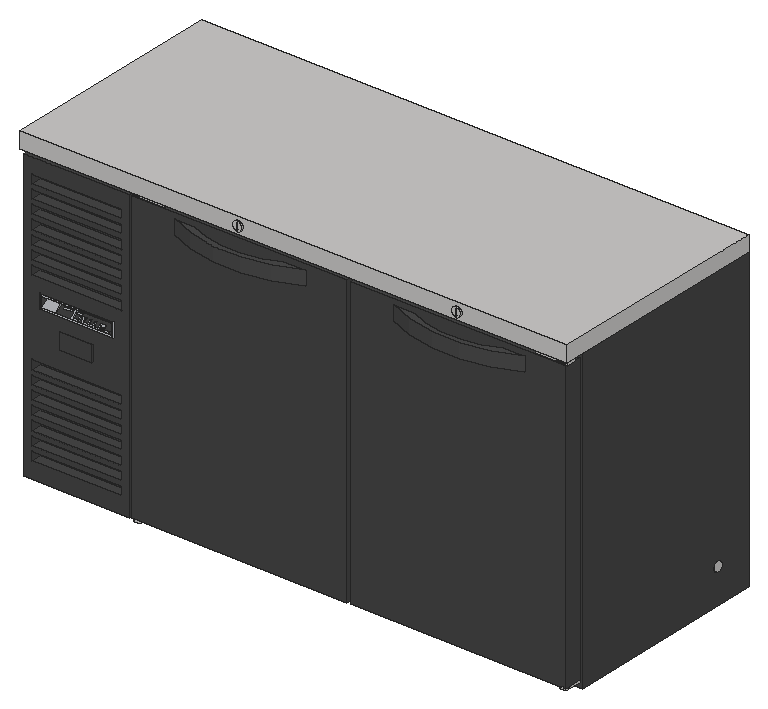
Revit family "QF_TRUE_TBR60-RISZ1-L-B-SS-1", category Specialty Equipment, Revit 2016
Family settings
  Part Type = Normal
  Round Connector Dimension = Use Diameter
  Work Plane-Based = No
  Always vertical = Yes
  Cut with Voids When Loaded = No
  Shared = No
  Room Calculation Point = No
Parameters (values of type "QF_TRUE_TBR60-RISZ1-L-B-SS-1")
  Weight in Pounds = 0
  Watts = if(Phase = 3, Volts * FL Amps * 1.73, Volts * FL Amps)  # 368 W
  Waste Water Discharge Temperature = -459.67 °F
  Volts = 115 V
  URL Cutsheet = ""
  Specification by User = ""
  Specification by Manufacturer = ""
  Show Logo [instance] = yes
  Show Standard Unit [instance] = yes
  Show Leg Levelers [instance] = no
  Show Seismic Flange [instance] = no
  Show 6 Inches Legs [instance] = no
  Show Clearance [instance] = yes
  Show 1 Inch Rollers [instance] = no
  Show 5 Inches Castors [instance] = no
  Show 4 Inches Castors [instance] = no
  Show 3 Inches Castors [instance] = no
  Show 2 Inches Castors [instance] = no
  Serial Number = ""
  Seismic Rating = ""
  SMACNA No = ""
  Revision Code = ""
  Plumbing Remarks = ""
  Plumbing Connection Type = ""
  Phase = 1
  Number of Poles = 1
  NAFEM Spec ID Number = ""
  Model = "TBR60-RISZ1-L-B-SS-1"
  Min Ckt Ampacity = 0 A
  Max Overcurrent Protection = 0 A
  Masterspec = ""
  Manufacturer = "TRUE"
  Length = 60"
  Item Number = ""
  Installed By = ""
  Indirect Waste Size = 1"
  Indirect Waste Flow = 0 GPM
  Indirect Waste Connection Type = ""
  Indirect Waste Connection Height = 0"
  Identify Quantity as Lot = yes
  Height [instance] = if(Show Standard Unit, 34 11/16", if(Show Leg Levelers, 34 15/16", if(Show 1 Inch Rollers, 35 9/16", if(Show 2 Inches Castors, 37 9/16", if(Show 3 Inches Castors, 38 9/16", if(Show 4 Inches Castors, 39 3/4", if(Show 5 Inches Castors, 40 3/4", if(Show 6 Inches Legs, 40 11/16", if(Show Seismic Flange, 40 11/16", 34 11/16")))))))))  # 34 11/16"
  HP = "1/4"
  Furnished By = ""
  Foodservice Equipment Identifier = yes
  FL Amps = 3.2 A
  Electrical Remarks = ""
  Electric Connection Type = ""
  Elec Conn RI Height = 0"
  Elec Conn Connection Height = 0"
  Description = "REACH-IN SINGLE ZONE REFRIGERATOR WITH LEFT SIDE REFRIGERATION SYSTEM. BLACK EXTERIOR AND SOLID SWING DOORS"
  Depth = 26 3/8"
  Cycle = 60 Hz
  Conn Plug = "NEMA 5-15P"
  Conn Conduit = yes
  CSI MasterFormat = ""
  Apparent Power = if(Phase = 3, Volts * FL Amps * 1.73, Volts * FL Amps)  # 368 VA
Reference planes (in)
  plane 1 "BACK": y = 0
  plane 2: z = 0
  plane 3 "LEFT": x = 0
  plane 4 "RIGHT": x = 60
  plane 5 "FRONT": y = -26.375
  plane 6 "TOP": z = 34.6875
  plane 7 "Center Y": x = 30
  plane 8 "Center X": y = -13.1875
  plane 9: y = -24.84375
  plane 10: y = -24.65625
  plane 11: y = -47.59375
  plane 12: z = 0
  plane 13: z = 0
Dimensions and locks (in)
  equal spacing: plane 3 "LEFT", plane 7 "Center Y", plane 4 "RIGHT"
  "Length": plane 3 "LEFT" to plane 4 "RIGHT"
  equal spacing: plane 5 "FRONT", plane 8 "Center X", plane 1 "BACK"
  "Depth": plane 5 "FRONT" to plane 1 "BACK"
  "Height": plane 6 "TOP" to level
  plane 3 "LEFT" to plane 4 "RIGHT" = 60"
  plane 5 "FRONT" to plane 1 "BACK" = 26 3/8"
  plane 9 to plane 1 "BACK" = 24 27/32"
  plane 10 to plane 1 "BACK" = 24 21/32"
  plane 11 to plane 1 "BACK" = 47 19/32"
  locked: plane 6 "TOP" to plane 13 at 34.6875
  aligned and locked: level to plane 2
  aligned and locked: plane 6 "TOP" to nested 1
Nested families (in)
  nested 1: "TBR60-RISZ1-L-B-SS-1" at (0, 0, 0), Show Clearance <- "Show Clearance", Show Logo <- "Show Logo", type "TBR60-RISZ1-L-B-SS-1"
    with Show Logo yes, Show Clearance yes
  nested 2: "CASTORS & LEGS" at (4, -4, 0), Show 2 Inches Castors <- "Show 2 Inches Castors", Show 3 Inches Castors <- "Show 3 Inches Castors", Show 4 Inches Castors <- "Show 4 Inches Castors", Show 5 Inches Castors <- "Show 5 Inches Castors", Show Legs <- "Show 6 Inches Legs", Show Legs with Flandge <- "Show Seismic Flange", Show 1 Inch Rollers <- "Show 1 Inch Rollers", Show Leg Levelers <- "Show Leg Levelers", type "CASTORS & LEGS"
    with Type Mark "", Status "", Specification by User "", Show Legs with Flandge no, Show Legs no, Show Leg Levelers no, Show 5 Inches Castors no, Show 4 Inches Castors no, Show 3 Inches Castors no, Show 2 Inches Castors no, Show 1 Inch Rollers no, Revision Code "", Item Number "", Installed By "", Identify Quantity as Lot yes, Furnished By "", Foodservice Equipment Identifier yes
  nested 3: "CASTORS & LEGS" at (56, -4, 0), Show 2 Inches Castors <- "Show 2 Inches Castors", Show 3 Inches Castors <- "Show 3 Inches Castors", Show 4 Inches Castors <- "Show 4 Inches Castors", Show 5 Inches Castors <- "Show 5 Inches Castors", Show Legs <- "Show 6 Inches Legs", Show Legs with Flandge <- "Show Seismic Flange", Show 1 Inch Rollers <- "Show 1 Inch Rollers", Show Leg Levelers <- "Show Leg Levelers", type "CASTORS & LEGS"
    with Type Mark "", Status "", Specification by User "", Show Legs with Flandge no, Show Legs no, Show Leg Levelers no, Show 5 Inches Castors no, Show 4 Inches Castors no, Show 3 Inches Castors no, Show 2 Inches Castors no, Show 1 Inch Rollers no, Revision Code "", Item Number "", Installed By "", Identify Quantity as Lot yes, Furnished By "", Foodservice Equipment Identifier yes
  nested 4: "CASTORS & LEGS" at (4, -18.75, 0), Show 2 Inches Castors <- "Show 2 Inches Castors", Show 3 Inches Castors <- "Show 3 Inches Castors", Show 4 Inches Castors <- "Show 4 Inches Castors", Show 5 Inches Castors <- "Show 5 Inches Castors", Show Legs <- "Show 6 Inches Legs", Show Legs with Flandge <- "Show Seismic Flange", Show 1 Inch Rollers <- "Show 1 Inch Rollers", Show Leg Levelers <- "Show Leg Levelers", type "CASTORS & LEGS"
    with Type Mark "", Status "", Specification by User "", Show Legs with Flandge no, Show Legs no, Show Leg Levelers no, Show 5 Inches Castors no, Show 4 Inches Castors no, Show 3 Inches Castors no, Show 2 Inches Castors no, Show 1 Inch Rollers no, Revision Code "", Item Number "", Installed By "", Identify Quantity as Lot yes, Furnished By "", Foodservice Equipment Identifier yes
  nested 5: "CASTORS & LEGS" at (56, -18.75, 0), Show 2 Inches Castors <- "Show 2 Inches Castors", Show 3 Inches Castors <- "Show 3 Inches Castors", Show 4 Inches Castors <- "Show 4 Inches Castors", Show 5 Inches Castors <- "Show 5 Inches Castors", Show Legs <- "Show 6 Inches Legs", Show Legs with Flandge <- "Show Seismic Flange", Show 1 Inch Rollers <- "Show 1 Inch Rollers", Show Leg Levelers <- "Show Leg Levelers", type "CASTORS & LEGS"
    with Type Mark "", Status "", Specification by User "", Show Legs with Flandge no, Show Legs no, Show Leg Levelers no, Show 5 Inches Castors no, Show 4 Inches Castors no, Show 3 Inches Castors no, Show 2 Inches Castors no, Show 1 Inch Rollers no, Revision Code "", Item Number "", Installed By "", Identify Quantity as Lot yes, Furnished By "", Foodservice Equipment Identifier yes
Connectors (in)
  electrical at (6, 0.25, 18), driven by "Volts", driven by "Watts"
    settings: on nested 1, index 1, voltage 115 V, apparent load 368 VA, apparent load phase1 0 VA, apparent load phase2 0 VA, apparent load phase3 0 VA, power factor 1, load classification "Other", number of poles 1, system type 30, power factor state 1, is connector primary yes, connector utility no, sub classification motor no, connector description "ELECTRICAL CONNECTION"
  piping at (16.75, -4.72203, -0.125), diameter 2.25
    settings: on nested 1, index 2, connector inside diameter 24", connector length 0", flow factor 0, pipe flow 0 GPM, pressure drop 0.00 psi, fitting loss kfactor 0, connector angle 0.00°, fixture units 0, engagement length 0", angle of deflection 0.00°, flow configuration 1, flow direction 2, fitting loss method 0, system type 16, joint type 0, gender type 0, connector reference index -1, connector utility 0, adjustable connector no, is connector primary yes, connector description ""
  piping at (60.125, -4.3125, 3.96875), diameter 1
    settings: on nested 1, index 3, connector inside diameter 24", connector length 0", flow factor 0, pipe flow 0 GPM, pressure drop 0.00 psi, fitting loss kfactor 0, connector angle 0.00°, fixture units 0, engagement length 0", angle of deflection 0.00°, flow configuration 1, flow direction 1, fitting loss method 0, system type 22, joint type 0, gender type 0, connector reference index -1, connector utility 0, adjustable connector no, is connector primary no, connector description "CONDENSING UNIT"
  piping at (52.25, -4.34375, -0.125), diameter 1, driven by "Indirect Waste Flow", driven by "Indirect Waste Size"
    settings: on nested 1, index 4, connector inside diameter 24", connector length 0", flow factor 0, pipe flow 0 GPM, pressure drop 0.00 psi, fitting loss kfactor 0, connector angle 0.00°, fixture units 0, engagement length 0", angle of deflection 0.00°, flow configuration 1, flow direction 2, fitting loss method 0, system type 16, joint type 0, gender type 0, connector reference index -1, connector utility 0, adjustable connector no, is connector primary no, connector description "DRAIN"
Definition of nested family "TBR60-RISZ1-L-B-SS-1"
  Parameters (values of type "TBR60-RISZ1-L-B-SS-1")
    Weight in Pounds = 0
    URL Cutsheet = ""
    Specification by User = ""
    Specification by Manufacturer = ""
    Show Logo [instance] = yes
    Show Clearance [instance] = yes
    Serial Number = ""
    Seismic Rating = ""
    SMACNA No = ""
    Revision Code = ""
    NAFEM Spec ID Number = ""
    Model = ""
    Masterspec = ""
    Manufacturer = ""
    Length = 60"
    Item Number = ""
    Installed By = ""
    Identify Quantity as Lot = yes
    Height = 34 11/16"
    Furnished By = ""
    Foodservice Equipment Identifier = yes
    Description = ""
    Depth = 26 3/8"
    CSI MasterFormat = ""
  Reference planes (in)
    plane 1 "BACK": y = 0
    plane 2: z = 0
    plane 3 "LEFT": x = 0
    plane 4 "RIGHT": x = 60
    plane 5 "FRONT": y = -26.375
    plane 6 "TOP": z = 34.6875
    plane 7 "Center Y": x = 30
    plane 8 "Center X": y = -13.1875
    plane 9: y = -24.84375
    plane 10: y = -24.65625
    plane 11: y = -47.59375
  Forms (in)
    Extrusion 1, solid
      sketch origin (0, 0, 0) x (0, 1, 0) y (0, 0, 1)
        loop
          line (-24.84375, 34.6875) -> (-24.84375, 32.9375) -> (0, 32.9375) -> (0, 34.6875) -> (-24.84375, 34.6875)
      from 0 to 60
    Extrusion 2, solid
      sketch origin (0, 0, 0) x (1, 0, 0) y (0, 0, 1)
        loop
          line (0, 32.9375) -> (0, 0) -> (60, 0) -> (60, 32.9375) -> (0, 32.9375)
        loop
          line (12.09375, 32.46875) -> (12.09375, 0.78125) -> (59.75, 0.78125) -> (59.75, 32.46875) -> (12.09375, 32.46875)
      from 0 to 22.75
    Extrusion 3, solid
      sketch origin (0, 0, 0) x (-1, 0, 0) y (0, 0, 1)
        loop
          line (-12.09375, 32.46875) -> (-59.75, 32.46875) -> (-59.75, 0.78125) -> (-12.09375, 0.78125) -> (-12.09375, 32.46875)
      from 0 to -2
    Extrusion 4, solid
      sketch origin (0, -22.75, 0) x (1, 0, 0) y (0, 0, 1)
        loop
          line (0.25, 0.78125) -> (11.84375, 0.78125) -> (11.84375, 32.46875) -> (0.25, 32.46875) -> (0.25, 0.78125)
        loop
          line (1.125, 30.81709) -> (1.125, 29.81709) -> (10.96875, 29.81709) -> (10.96875, 30.81709) -> (1.125, 30.81709)
        loop
          line (1.125, 29.31709) -> (1.125, 28.31709) -> (10.96875, 28.31709) -> (10.96875, 29.31709) -> (1.125, 29.31709)
        loop
          line (1.125, 27.81709) -> (1.125, 26.81709) -> (10.96875, 26.81709) -> (10.96875, 27.81709) -> (1.125, 27.81709)
        loop
          line (1.125, 26.31709) -> (1.125, 25.31709) -> (10.96875, 25.31709) -> (10.96875, 26.31709) -> (1.125, 26.31709)
        loop
          line (1.125, 24.81709) -> (1.125, 23.81709) -> (10.96875, 23.81709) -> (10.96875, 24.81709) -> (1.125, 24.81709)
        loop
          line (1.125, 21.81709) -> (1.125, 20.81709) -> (10.96875, 20.81709) -> (10.96875, 21.81709) -> (1.125, 21.81709)
        loop
          line (1.125, 23.31709) -> (1.125, 22.31709) -> (10.96875, 22.31709) -> (10.96875, 23.31709) -> (1.125, 23.31709)
        loop
          line (1.125, 12.56709) -> (1.125, 11.56709) -> (10.96875, 11.56709) -> (10.96875, 12.56709) -> (1.125, 12.56709)
        loop
          line (1.125, 11.06709) -> (1.125, 10.06709) -> (10.96875, 10.06709) -> (10.96875, 11.06709) -> (1.125, 11.06709)
        loop
          line (1.125, 9.56709) -> (1.125, 8.56709) -> (10.96875, 8.56709) -> (10.96875, 9.56709) -> (1.125, 9.56709)
        loop
          line (1.125, 8.06709) -> (1.125, 7.06709) -> (10.96875, 7.06709) -> (10.96875, 8.06709) -> (1.125, 8.06709)
        loop
          line (1.125, 6.56709) -> (1.125, 5.56709) -> (10.96875, 5.56709) -> (10.96875, 6.56709) -> (1.125, 6.56709)
        loop
          line (1.125, 3.56709) -> (1.125, 2.56709) -> (10.96875, 2.56709) -> (10.96875, 3.56709) -> (1.125, 3.56709)
        loop
          line (1.125, 5.06709) -> (1.125, 4.06709) -> (10.96875, 4.06709) -> (10.96875, 5.06709) -> (1.125, 5.06709)
      from 0.125 to 1.90625
    Extrusion 5, solid
      sketch origin (0, -22.75, 0) x (1, 0, 0) y (0, 0, 1)
        loop
          line (12.09375, 0.78125) -> (35.71875, 0.78125) -> (35.71875, 32.46875) -> (12.09375, 32.46875) -> (12.09375, 0.78125)
        loop
          line (59.75, 0.78125) -> (59.75, 32.46875) -> (36.125, 32.46875) -> (36.125, 0.78125) -> (59.75, 0.78125)
      from 0 to 1.90625
    Extrusion 6, solid
      sketch origin (32.8125, -22.75, 32.46875) x (-1, 0, 0) y (0, -1, 0)
        loop
          arc (16.16831, 1.90625) -> (8.90625, 3.65113) -> (1.64419, 1.90625) r 15.9845
          line (1.64419, 1.90625) -> (3.9146, 1.90625)
          arc (3.9146, 1.90625) -> (8.90625, 3.15287) -> (13.8979, 1.90625) r 10.61701
          line (13.8979, 1.90625) -> (16.16831, 1.90625)
        loop
          arc (-7.86294, 1.90625) -> (-15.125, 3.65113) -> (-22.38706, 1.90625) r 15.9845
          line (-22.38706, 1.90625) -> (-20.11665, 1.90625)
          arc (-20.11665, 1.90625) -> (-15.125, 3.15287) -> (-10.13335, 1.90625) r 10.61701
          line (-10.13335, 1.90625) -> (-7.86294, 1.90625)
      from -2.11784 to -0.60631
    Extrusion 7, solid
      sketch origin (0.04324, -24.65625, 0) x (1, 0, 0) y (0, 0, 1)
        loop
          line (4.20676, 16.37472) -> (4.20676, 14.62472) -> (7.80051, 14.62472) -> (7.80051, 16.37472) -> (4.20676, 16.37472)
      from 0 to 0.125
    Extrusion 8, solid
      sketch origin (0, -24.84375, 34.4375) x (0, 0, 1) y (-1, 0, 0)
        loop
          circle (-0.65572, -23.90625) r 0.5
        loop
          line (-0.32569, -23.84362) -> (-0.96744, -23.84362) -> (-0.96744, -23.98332) -> (-0.32569, -23.98332) -> (-0.32569, -23.84362)
        loop
          circle (-0.65572, -47.9375) r 0.5
        loop
          line (-0.32569, -47.87487) -> (-0.96744, -47.87487) -> (-0.96744, -48.01457) -> (-0.32569, -48.01457) -> (-0.32569, -47.87487)
      from 0 to 0.125
    Extrusion 9, solid
      sketch origin (0, -22.75, 0) x (1, 0, 0) y (0, 0, 1)
        loop
          line (1.28286, 30.81709) -> (1.28286, 29.81709) -> (11.12661, 29.81709) -> (11.12661, 30.81709) -> (1.28286, 30.81709)
        loop
          line (1.28286, 29.31709) -> (1.28286, 28.31709) -> (11.12661, 28.31709) -> (11.12661, 29.31709) -> (1.28286, 29.31709)
        loop
          line (1.28286, 27.81709) -> (1.28286, 26.81709) -> (11.12661, 26.81709) -> (11.12661, 27.81709) -> (1.28286, 27.81709)
        loop
          line (1.28286, 26.31709) -> (1.28286, 25.31709) -> (11.12661, 25.31709) -> (11.12661, 26.31709) -> (1.28286, 26.31709)
        loop
          line (1.28286, 24.81709) -> (1.28286, 23.81709) -> (11.12661, 23.81709) -> (11.12661, 24.81709) -> (1.28286, 24.81709)
        loop
          line (1.28286, 21.81709) -> (1.28286, 20.81709) -> (11.12661, 20.81709) -> (11.12661, 21.81709) -> (1.28286, 21.81709)
        loop
          line (1.28286, 23.31709) -> (1.28286, 22.31709) -> (11.12661, 22.31709) -> (11.12661, 23.31709) -> (1.28286, 23.31709)
        loop
          line (1.28286, 12.56709) -> (1.28286, 11.56709) -> (11.12661, 11.56709) -> (11.12661, 12.56709) -> (1.28286, 12.56709)
        loop
          line (1.28286, 11.06709) -> (1.28286, 10.06709) -> (11.12661, 10.06709) -> (11.12661, 11.06709) -> (1.28286, 11.06709)
        loop
          line (1.28286, 9.56709) -> (1.28286, 8.56709) -> (11.12661, 8.56709) -> (11.12661, 9.56709) -> (1.28286, 9.56709)
        loop
          line (1.28286, 8.06709) -> (1.28286, 7.06709) -> (11.12661, 7.06709) -> (11.12661, 8.06709) -> (1.28286, 8.06709)
        loop
          line (1.28286, 6.56709) -> (1.28286, 5.56709) -> (11.12661, 5.56709) -> (11.12661, 6.56709) -> (1.28286, 6.56709)
        loop
          line (1.28286, 3.56709) -> (1.28286, 2.56709) -> (11.12661, 2.56709) -> (11.12661, 3.56709) -> (1.28286, 3.56709)
        loop
          line (1.28286, 5.06709) -> (1.28286, 4.06709) -> (11.12661, 4.06709) -> (11.12661, 5.06709) -> (1.28286, 5.06709)
      from 0.125 to 0.7394
    Extrusion 10, solid
      sketch origin (33.22341, -22.77627, 32.7789) x (1, 0, 0) y (0, 1, 0)
        loop
          line (26.54069, -1.96875) -> (26.50632, 0) -> (25.58853, 0) -> (25.55416, -1.96875) -> (26.54069, -1.96875)
        loop
          circle (26.09249, -1.43752) r 0.25
      from 0 to 0.1586
    Extrusion 11, solid
      sketch origin (59.97626, -22.16889, 0.78125) x (0, 1, 0) y (1, 0, 0)
        loop
          line (-0.60739, -1.14466) -> (-0.60739, -0.22626) -> (-2.06523, -0.25589)
          arc (-2.06523, -0.25589) -> (-2.48736, -0.68546) -> (-2.06523, -1.11503) r 0.42963
          line (-2.06523, -1.11503) -> (-0.60739, -1.14466)
        loop
          circle (-2.05773, -0.68546) r 0.25
      from 0 to 0.22057
    Extrusion 12, solid
      sketch origin (59.97626, -22.16889, 0.78125) x (0, 1, 0) y (1, 0, 0)
        loop
          circle (-2.05773, -0.68546) r 0.25
      from 0 to 0.29961
    Extrusion 13, solid
      sketch origin (33.22341, -22.16889, 32.46875) x (1, 0, 0) y (0, 1, 0)
        loop
          line (26.52659, -1.27764) -> (23.06149, -1.27764) -> (23.06149, -2.32875) -> (26.52659, -2.32875) -> (26.52659, -1.27764)
        loop
          circle (26.09113, -1.82353) r 0.25
        loop
          circle (24.44087, -1.81192) r 0.25
        loop
          circle (23.44087, -1.81192) r 0.25
      from 0 to 0.22057
    Extrusion 14, solid
      sketch origin (33.22341, -22.16889, 32.46875) x (1, 0, 0) y (0, 1, 0)
        loop
          circle (24.44087, -1.81192) r 0.25
        loop
          circle (23.44087, -1.81192) r 0.25
      from 0 to 0.31015
    Extrusion 15, solid
      sketch origin (59.97626, -22.16889, 0.78125) x (0, 1, 0) y (1, 0, 0)
        loop
          line (-0.60739, -1.14466) -> (-0.60739, -0.22626) -> (-2.06523, -0.25589)
          arc (-2.06523, -0.25589) -> (-2.48736, -0.68546) -> (-2.06523, -1.11503) r 0.42963
          line (-2.06523, -1.11503) -> (-0.60739, -1.14466)
        loop
          circle (-2.05773, -0.68546) r 0.25
      from 0 to 0.22057
    Extrusion 16, solid
      sketch origin (59.97626, -22.16889, 0.78125) x (0, 1, 0) y (1, 0, 0)
        loop
          circle (-2.05773, -0.68546) r 0.25
      from 0 to 0.29961
    Extrusion 17, solid
      sketch origin (33.22341, -22.16889, 32.9664) x (1, 0, 0) y (0, 1, 0)
        loop
          circle (26.09249, -1.82353) r 0.25
      from -0.0289 to -0.27708
    Extrusion 18, solid
      sketch origin (38.62034, -22.77627, 32.7789) x (-1, 0, 0) y (0, -1, 0)
        loop
          line (26.54069, 1.96875) -> (25.55416, 1.96875) -> (25.58853, 0) -> (26.50632, 0) -> (26.54069, 1.96875)
        loop
          circle (26.09249, 1.43752) r 0.25
      from 0 to 0.1586
    Extrusion 19, solid
      sketch origin (11.86749, -22.16889, 0.78125) x (0, -1, 0) y (-1, 0, 0)
        loop
          line (0.60739, -1.14466) -> (2.06523, -1.11503)
          arc (2.06523, -1.11503) -> (2.48736, -0.68546) -> (2.06523, -0.25589) r 0.42963
          line (2.06523, -0.25589) -> (0.60739, -0.22626) -> (0.60739, -1.14466)
        loop
          circle (2.05773, -0.68546) r 0.25
      from 0 to 0.22057
    Extrusion 20, solid
      sketch origin (11.86749, -22.16889, 0.78125) x (0, -1, 0) y (-1, 0, 0)
        loop
          circle (2.05773, -0.68546) r 0.25
      from 0 to 0.29961
    Extrusion 21, solid
      sketch origin (38.62034, -22.16889, 32.46875) x (-1, 0, 0) y (0, -1, 0)
        loop
          line (26.52659, 1.27764) -> (26.52659, 2.32875) -> (23.06149, 2.32875) -> (23.06149, 1.27764) -> (26.52659, 1.27764)
        loop
          circle (26.09113, 1.82353) r 0.25
        loop
          circle (24.44087, 1.81192) r 0.25
        loop
          circle (23.44087, 1.81192) r 0.25
      from 0 to 0.22057
    Extrusion 22, solid
      sketch origin (38.62034, -22.16889, 32.46875) x (-1, 0, 0) y (0, -1, 0)
        loop
          circle (24.44087, 1.81192) r 0.25
        loop
          circle (23.44087, 1.81192) r 0.25
      from 0 to 0.31015
    Extrusion 23, solid
      sketch origin (11.86749, -22.16889, 0.78125) x (0, -1, 0) y (-1, 0, 0)
        loop
          line (0.60739, -1.14466) -> (2.06523, -1.11503)
          arc (2.06523, -1.11503) -> (2.48736, -0.68546) -> (2.06523, -0.25589) r 0.42963
          line (2.06523, -0.25589) -> (0.60739, -0.22626) -> (0.60739, -1.14466)
        loop
          circle (2.05773, -0.68546) r 0.25
      from 0 to 0.22057
    Extrusion 24, solid
      sketch origin (11.86749, -22.16889, 0.78125) x (0, -1, 0) y (-1, 0, 0)
        loop
          circle (2.05773, -0.68546) r 0.25
      from 0 to 0.29961
    Extrusion 25, solid
      sketch origin (38.62034, -22.16889, 32.9664) x (-1, 0, 0) y (0, -1, 0)
        loop
          circle (26.09249, 1.82353) r 0.25
      from -0.0289 to -0.27708
    Extrusion 26, solid, visible <- "Show Clearance", detail levels coarse
      sketch origin (12, 0, 32.46875) x (0, -1, 0) y (-1, 0, 0)
        loop
          line (24.65625, -47.75) -> (47.59375, -47.75)
          arc (47.59375, -47.75) -> (40.87976, -31.32111) -> (24.65625, -24.125) r 23.76491
          line (24.65625, -24.125) -> (24.65625, -47.75)
        loop
          line (24.65625, -0.09375) -> (24.65625, -23.71875)
          arc (24.65625, -23.71875) -> (40.87976, -16.52264) -> (47.59375, -0.09375) r 23.76491
          line (47.59375, -0.09375) -> (24.65625, -0.09375)
      from 0 to 31.6875
    Extrusion 27, solid
      sketch origin (0, 0, 0) x (-1, 0, 0) y (0, 0, 1)
        loop
          line (0, 0) -> (0, 19.4375) -> (-10.96875, 19.4375) -> (-10.96875, 0) -> (0, 0)
      from 0 to 0.125
    Extrusion 28, solid
      sketch origin (0, 0, 0) x (-1, 0, 0) y (0, 0, 1)
        loop
          circle (-6, 18) r 0.5
        loop
          circle (-6, 21.75) r 0.5
      from 0 to 0.25
    Extrusion 29, solid
      sketch origin (48, 0, 0) x (0, 1, 0) y (1, 0, 0)
        loop
          circle (-4.72203, -31.25) r 1.125
        loop
          circle (-4.34375, 4.25) r 0.5
      from 0 to 0.125
    Extrusion 30, solid
      sketch origin (60, 0, 32.9375) x (0, 0, -1) y (0, 1, 0)
        loop
          circle (28.96875, -4.3125) r 0.5
      from 0 to 0.125
  Lines and regions (in)
    symbolic lines
      curve 1: line (60, 0, 0) -> (0, 0, 0)
      curve 2: line (60, -24.84375, 0) -> (60, 0, 0)
      curve 3: line (0, -24.84375, 0) -> (60, -24.84375, 0)
      curve 4: line (0, 0, 0) -> (0, -24.84375, 0)
      curve 5: arc (17.02421, -24.84375, 0) -> (23.90625, -26.40113, 0) -> (30.78829, -24.84375, 0) r 15.9845
      curve 6: arc (28.52876, -24.84375, 0) -> (23.90625, -25.90287, 0) -> (19.28374, -24.84375, 0) r 10.61701
      curve 7: arc (41.05546, -24.84375, 0) -> (47.9375, -26.40113, 0) -> (54.81954, -24.84375, 0) r 15.9845
      curve 8: arc (52.56001, -24.84375, 0) -> (47.9375, -25.90287, 0) -> (43.31499, -24.84375, 0) r 10.61701
      curve 9: line (12.07793, -24.84375, 0) -> (32.12498, -36.41792, 0)
      curve 10: arc (35.71148, -24.84375, 0) -> (34.66829, -30.86326, 0) -> (32.12498, -36.41792, 0) r 23.76491
      curve 11: line (59.76582, -24.84375, 0) -> (39.71877, -36.41792, 0)
      curve 12: arc (36.13227, -24.84375, 0) -> (37.17546, -30.86326, 0) -> (39.71877, -36.41792, 0) r 23.76491
  Dimensions and locks (in)
    equal spacing: plane 3 "LEFT", plane 7 "Center Y", plane 4 "RIGHT"
    "Length": plane 3 "LEFT" to plane 4 "RIGHT"
    equal spacing: plane 5 "FRONT", plane 8 "Center X", plane 1 "BACK"
    "Depth": plane 5 "FRONT" to plane 1 "BACK"
    "Height": plane 6 "TOP" to level
    plane 3 "LEFT" to plane 4 "RIGHT" = 60"
    plane 5 "FRONT" to plane 1 "BACK" = 26 3/8"
    plane 9 to plane 1 "BACK" = 24 27/32"
    plane 10 to plane 1 "BACK" = 24 21/32"
    plane 6 "TOP" to Extrusion 1 = 1 3/4"
    Extrusion 5 to level = 25/32"
    Extrusion 5 to Extrusion 5 = 31 11/16"
    Extrusion 5 to Extrusion 5 = 23 5/8"
    Extrusion 4 to Extrusion 4 = 11 19/32"
    plane 11 to plane 1 "BACK" = 47 19/32"
    Extrusion 29 sketch curve to plane 1 "BACK" = 4.72203"
    plane 3 "LEFT" to Extrusion 29 sketch curve = 16 3/4"
    Extrusion 29 sketch curve to plane 4 "RIGHT" = 7 3/4"
    Extrusion 29 sketch curve to plane 1 "BACK" = 4 11/32"
    aligned and locked: level to plane 2
  Automatic sketch dimensions
    Extrusion 1 sketch curve to plane 9 = 0"
    Extrusion 1 sketch curve to plane 1 "BACK" = 0"
    Extrusion 1 sketch curve to plane 6 "TOP" = 0"
    Extrusion 1 sketch curve to plane 6 "TOP" = 1 3/4"
    Extrusion 2 sketch curve to level = 0"
    Extrusion 2 sketch curve to plane 3 "LEFT" = 0"
    plane 4 "RIGHT" to Extrusion 2 sketch curve = 0"
    plane 4 "RIGHT" to Extrusion 2 sketch curve = 1/4"
    level to Extrusion 2 sketch curve = 25/32"
    Extrusion 2 sketch curve to plane 6 "TOP" = 2 7/32"
    Extrusion 2 sketch curve to plane 6 "TOP" = 1 3/4"
    Extrusion 3 sketch curve to Extrusion 2 = 0"  (x3)
    Extrusion 2 to Extrusion 3 sketch curve = 0"
    Extrusion 4 sketch curve to Extrusion 2 = 0"  (x2)
    Extrusion 4 sketch curve to Extrusion 2 = 1/4"  (x2)
    Extrusion 4 sketch curve to Extrusion 2 = 1 1/8"  (x8)
    Extrusion 4 sketch curve to Extrusion 4 sketch curve = 0"  (x20)
    Extrusion 2 to Extrusion 4 sketch curve = 1.78584"
    Extrusion 4 sketch curve to Extrusion 4 sketch curve = 1"  (x14)
    Extrusion 4 sketch curve to Extrusion 4 sketch curve = 1/2"  (x12)
    Extrusion 4 sketch curve to Extrusion 4 sketch curve = 8 1/4"
    Extrusion 5 sketch curve to Extrusion 2 = 0"  (x4)
    Extrusion 2 to Extrusion 5 sketch curve = 0"  (x2)
    Extrusion 5 sketch curve to Extrusion 5 sketch curve = 23 5/8"
    Extrusion 5 sketch curve to Extrusion 5 sketch curve = 13/32"
    Extrusion 5 to Extrusion 6 sketch curve = 0"  (x2)
    Extrusion 6 sketch curve to Extrusion 5 = 0"  (x2)
    Extrusion 6 sketch curve to Extrusion 5 = 19.48081"
    Extrusion 6 sketch curve to Extrusion 6 sketch curve = 2.2704"  (x2)
    Extrusion 6 sketch curve to Extrusion 5 = 12 7/32"
    Extrusion 6 sketch curve to Extrusion 6 sketch curve = 0"  (x2)
    Extrusion 5 to Extrusion 6 sketch curve = 4.55044"
    Extrusion 5 to Extrusion 6 sketch curve = 11 13/16"
    Extrusion 6 sketch curve to Extrusion 5 = 7.46414"  (x2)
    Extrusion 6 sketch curve to Extrusion 6 sketch curve = 4.86923"  (x2)
    Extrusion 4 to Extrusion 7 sketch curve = 3 1/8"  (x2)
    Extrusion 7 sketch curve to Extrusion 4 = 2.05764"
    Extrusion 7 sketch curve to Extrusion 7 sketch curve = 1 3/4"
    Extrusion 9 sketch curve to Extrusion 2 = 1.28286"  (x4)
    Extrusion 9 sketch curve to Extrusion 9 sketch curve = 0"  (x20)
    Extrusion 9 sketch curve to Extrusion 2 = 0.96714"  (x4)
    Extrusion 2 to Extrusion 9 sketch curve = 1.78584"
    Extrusion 9 sketch curve to Extrusion 9 sketch curve = 1"  (x14)
    Extrusion 9 sketch curve to Extrusion 9 sketch curve = 1/2"  (x12)
    Extrusion 9 sketch curve to Extrusion 9 sketch curve = 8 1/4"
    plane 10 to Extrusion 10 sketch curve = 0.08877"
    Extrusion 10 sketch curve to plane 10 = 0.44246"
    Extrusion 10 sketch curve to Extrusion 10 sketch curve = 1 7/16"
    Extrusion 11 sketch curve to Extrusion 11 sketch curve = 0"  (x3)
    Extrusion 11 sketch curve to plane 10 = 0.42214"  (x2)
    Extrusion 11 sketch curve to Extrusion 11 sketch curve = 0.0075"
    Extrusion 11 sketch curve to Extrusion 11 sketch curve = 1.45784"
    Extrusion 11 sketch curve to Extrusion 11 sketch curve = 0.42957"
    Extrusion 12 sketch curve to plane 10 = 0.42963"
    Extrusion 13 sketch curve to plane 10 = 0.67545"
    Extrusion 13 sketch curve to Extrusion 13 sketch curve = 1.65026"
    Extrusion 13 sketch curve to Extrusion 13 sketch curve = 1"
    Extrusion 13 sketch curve to Extrusion 13 sketch curve = 0.37938"
    Extrusion 13 sketch curve to plane 10 = 0.66383"
    Extrusion 13 sketch curve to plane 10 = 0.15862"
    Extrusion 13 sketch curve to Extrusion 13 sketch curve = 0.51683"
    Extrusion 13 sketch curve to Extrusion 13 sketch curve = 0.53428"
    Extrusion 14 sketch curve to plane 10 = 0.67545"  (x2)
    Extrusion 14 sketch curve to Extrusion 14 sketch curve = 1"
    Extrusion 15 sketch curve to Extrusion 15 sketch curve = 0"  (x3)
    Extrusion 15 sketch curve to plane 10 = 0.42214"  (x2)
    Extrusion 15 sketch curve to Extrusion 15 sketch curve = 0.0075"
    Extrusion 15 sketch curve to Extrusion 15 sketch curve = 1.45784"
    Extrusion 15 sketch curve to Extrusion 15 sketch curve = 0.42957"
    Extrusion 16 sketch curve to plane 10 = 0.42963"
    Extrusion 17 sketch curve to plane 10 = 0.66383"
    Extrusion 17 sketch curve to Extrusion 17 sketch curve = 1/4"
    plane 10 to Extrusion 18 sketch curve = 0.08877"
    Extrusion 18 sketch curve to Extrusion 18 sketch curve = 0.53832"
    Extrusion 18 sketch curve to plane 10 = 0.44246"
    Extrusion 18 sketch curve to Extrusion 18 sketch curve = 1 7/16"
    Extrusion 19 sketch curve to Extrusion 19 sketch curve = 0"  (x3)
    Extrusion 19 sketch curve to plane 10 = 1.87998"
    Extrusion 19 sketch curve to plane 10 = 0.42963"
    Extrusion 19 sketch curve to plane 10 = 0.42214"  (x2)
    Extrusion 19 sketch curve to Extrusion 19 sketch curve = 0.42957"
    Extrusion 19 sketch curve to Extrusion 19 sketch curve = 0.91839"
    Extrusion 20 sketch curve to plane 10 = 0.42963"
    Extrusion 21 sketch curve to plane 10 = 0.15862"
    Extrusion 21 sketch curve to Extrusion 21 sketch curve = 0.37938"
    Extrusion 21 sketch curve to Extrusion 21 sketch curve = 1"
    Extrusion 21 sketch curve to plane 10 = 0.66383"
    Extrusion 21 sketch curve to Extrusion 21 sketch curve = 0.51683"
    Extrusion 21 sketch curve to plane 10 = 0.67545"
    Extrusion 21 sketch curve to Extrusion 21 sketch curve = 0.5459"
    Extrusion 22 sketch curve to plane 10 = 0.67545"  (x2)
    Extrusion 22 sketch curve to Extrusion 22 sketch curve = 1"
    Extrusion 23 sketch curve to Extrusion 23 sketch curve = 0"  (x3)
    Extrusion 23 sketch curve to plane 10 = 1.87998"
    Extrusion 23 sketch curve to plane 10 = 0.42963"
    Extrusion 23 sketch curve to plane 10 = 0.42214"  (x2)
    Extrusion 23 sketch curve to Extrusion 23 sketch curve = 0.42957"
    Extrusion 23 sketch curve to Extrusion 23 sketch curve = 0.91839"
    Extrusion 24 sketch curve to plane 10 = 0.42963"
    Extrusion 25 sketch curve to plane 10 = 0.66383"
    Extrusion 25 sketch curve to Extrusion 25 sketch curve = 1/4"
    plane 4 "RIGHT" to Extrusion 10 sketch curve = 1.22243"
    plane 4 "RIGHT" to Extrusion 10 sketch curve = 1.18806"
    plane 4 "RIGHT" to Extrusion 10 sketch curve = 0.6841"
    plane 4 "RIGHT" to Extrusion 10 sketch curve = 0.27027"
    plane 4 "RIGHT" to Extrusion 10 sketch curve = 0.2359"
    plane 4 "RIGHT" to Extrusion 11 sketch curve = 1/4"
    plane 4 "RIGHT" to Extrusion 11 sketch curve = 0.27963"
    Extrusion 11 sketch curve to Extrusion 11 sketch curve = 0.91839"
    plane 4 "RIGHT" to Extrusion 12 sketch curve = 0.7092"
    plane 4 "RIGHT" to Extrusion 13 sketch curve = 3.7151"
    plane 4 "RIGHT" to Extrusion 13 sketch curve = 1/4"
    plane 4 "RIGHT" to Extrusion 14 sketch curve = 3.33572"
    plane 4 "RIGHT" to Extrusion 15 sketch curve = 1/4"
    plane 4 "RIGHT" to Extrusion 15 sketch curve = 0.27963"
    Extrusion 15 sketch curve to Extrusion 15 sketch curve = 0.91839"
    plane 4 "RIGHT" to Extrusion 16 sketch curve = 0.7092"
    Extrusion 17 sketch curve to Extrusion 17 sketch curve = 0"
    plane 4 "RIGHT" to Extrusion 17 sketch curve = 0.6841"
    Extrusion 18 sketch curve to Extrusion 18 sketch curve = 0.50396"
    Extrusion 18 sketch curve to Extrusion 18 sketch curve = 0.91779"
    Extrusion 18 sketch curve to Extrusion 18 sketch curve = 0.4482"
    Extrusion 19 sketch curve to Extrusion 19 sketch curve = 0.02963"
    Extrusion 21 sketch curve to Extrusion 21 sketch curve = 1.65026"
    Extrusion 21 sketch curve to Extrusion 21 sketch curve = 0.43546"
    Extrusion 23 sketch curve to Extrusion 23 sketch curve = 0.02963"
    plane 3 "LEFT" to Extrusion 2 sketch curve = 12 3/32"
    plane 3 "LEFT" to Extrusion 18 sketch curve = 13.06618"
    plane 3 "LEFT" to Extrusion 19 sketch curve = 12 3/32"
    plane 3 "LEFT" to Extrusion 20 sketch curve = 12.55295"
    Extrusion 21 sketch curve to plane 7 "Center Y" = 14.44115"
    Extrusion 22 sketch curve to plane 7 "Center Y" = 14.82053"
    plane 3 "LEFT" to Extrusion 23 sketch curve = 12 3/32"
    plane 3 "LEFT" to Extrusion 24 sketch curve = 12.55295"
    Extrusion 25 sketch curve to Extrusion 25 sketch curve = 0"
    plane 3 "LEFT" to Extrusion 25 sketch curve = 12.52785"
    Extrusion 8 sketch curve to Extrusion 1 = 0.53256"  (x2)
    Extrusion 8 sketch curve to Extrusion 8 sketch curve = 0.31172"  (x2)
    Extrusion 8 sketch curve to Extrusion 8 sketch curve = 0.33003"  (x2)
    Extrusion 1 to Extrusion 8 sketch curve = 11.98543"
    Extrusion 8 sketch curve to Extrusion 8 sketch curve = 0.07707"  (x2)
    Extrusion 8 sketch curve to Extrusion 8 sketch curve = 0.1397"  (x2)
    Extrusion 8 sketch curve to Extrusion 8 sketch curve = 23.89155"
    Extrusion 26 sketch curve to Extrusion 2 = 0"  (x2)
    Extrusion 2 to Extrusion 26 sketch curve = 0.12552"  (x2)
    Extrusion 2 to Extrusion 26 sketch curve = 1.07917"  (x2)
    Extrusion 2 to Extrusion 26 sketch curve = 1 29/32"
    Extrusion 26 sketch curve to Extrusion 26 sketch curve = 0"
    Extrusion 26 sketch curve to Extrusion 26 sketch curve = 22 15/16"  (x2)
    Extrusion 27 sketch curve to level = 0"
    Extrusion 27 sketch curve to plane 3 "LEFT" = 0"
    plane 3 "LEFT" to Extrusion 27 sketch curve = 10 31/32"
    Extrusion 27 sketch curve to plane 6 "TOP" = 15 1/4"
    plane 3 "LEFT" to Extrusion 28 sketch curve = 6"
    Extrusion 28 sketch curve to Extrusion 28 sketch curve = 0"
    Extrusion 28 sketch curve to plane 6 "TOP" = 16 11/16"
    Extrusion 28 sketch curve to Extrusion 28 sketch curve = 3 3/4"
    Extrusion 2 to Extrusion 30 sketch curve = 3 31/32"
    Extrusion 2 to Extrusion 30 sketch curve = 4 5/16"
    plane 1 "BACK" to curve 1 = 0"
    curve 1 to plane 3 "LEFT" = 0"
    curve 9 to plane 9 = 0"
    curve 2 to plane 4 "RIGHT" = 0"
    curve 10 to plane 10 = 0.82708"
    plane 3 "LEFT" to curve 10 = 11.96823"
    curve 6 to plane 8 "Center X" = 2.09836"
    curve 6 to plane 7 "Center Y" = 6 3/32"
    curve 5 to curve 6 = 0"
    plane 7 "Center Y" to curve 9 = 2 1/8"
    curve 10 to curve 11 = 7.59379"
    plane 8 "Center X" to curve 7 = 2.77087"
    plane 4 "RIGHT" to curve 7 = 12 1/16"
    curve 8 to plane 8 "Center X" = 2.09836"
    curve 8 to curve 7 = 0"
    plane 4 "RIGHT" to curve 12 = 0.12448"
    plane 5 "FRONT" to curve 11 = 10.04292"
    curve 9 to curve 11 = 0"
    curve 12 to plane 10 = 0.82708"
    plane 8 "Center X" to curve 5 = 2.77087"
    curve 10 to curve 9 = 0.10969"
    curve 9 to curve 5 = 4.94628"
    curve 5 to curve 6 = 2.25953"
    curve 12 to curve 7 = 4.92319"
    curve 7 to curve 8 = 2.25953"
    plane 4 "RIGHT" to curve 11 = 0.23418"
    radius of Extrusion 10 sketch curve = 1/4"
    radius of Extrusion 11 sketch curve = 1/4"
    radius of Extrusion 12 sketch curve = 1/4"
    radius of Extrusion 13 sketch curve = 1/4"  (x3)
    radius of Extrusion 14 sketch curve = 1/4"  (x2)
    radius of Extrusion 15 sketch curve = 1/4"
    radius of Extrusion 16 sketch curve = 1/4"
    radius of Extrusion 18 sketch curve = 1/4"
    radius of Extrusion 19 sketch curve = 1/4"
    radius of Extrusion 20 sketch curve = 1/4"
    radius of Extrusion 21 sketch curve = 1/4"  (x3)
    radius of Extrusion 22 sketch curve = 1/4"  (x2)
    radius of Extrusion 23 sketch curve = 1/4"
    radius of Extrusion 24 sketch curve = 1/4"
    radius of Extrusion 8 sketch curve = 1/2"  (x2)
    radius of Extrusion 28 sketch curve = 1/2"  (x2)
    radius of Extrusion 29 sketch curve = 1 1/8"
    radius of Extrusion 29 sketch curve = 1/2"
    radius of Extrusion 30 sketch curve = 1/2"
  Nested families (in)
    nested 1: "QF_LOGO_TRUE" at (1.99687, -24.65625, 17.85445), Show Logo <- "Show Logo", type "QF_LOGO_TRUE", detail levels medium+fine
      with Show Logo yes
  Definition of nested family "QF_LOGO_TRUE"
    Parameters (values of type "QF_LOGO_TRUE")
      Show Logo [instance] = yes
    Reference planes (in)
      plane 1 "Center (Front/Back)": y = 0
      plane 2: z = 0
      plane 3 "Center (Left/Right)": x = 0
    Forms (in)
      Extrusion 1, solid, visible <- "Show Logo", detail levels medium+fine
        sketch origin (-78.34647, 34.76905, -30.51001) x (1, 0, 0) y (0, 0, 1)
          loop
            line (81.15226, 31.65456) -> (81.07353, 31.48573) -> (82.12083, 31.48573)
            arc (82.12083, 31.48573) -> (82.14208, 31.44814) -> (82.12083, 31.41055) r 0.04386
            line (82.12083, 31.41055) -> (81.84767, 30.82478)
            arc (81.84767, 30.82478) -> (81.84531, 30.77052) -> (81.882, 30.73048) r 0.07096
            line (81.882, 30.73048) -> (82.55165, 30.73048)
            arc (82.55165, 30.73048) -> (82.63621, 30.75714) -> (82.69019, 30.82748) r 0.14742
            line (82.69019, 30.82748) -> (82.90515, 31.28847) -> (83.10265, 31.28847)
            arc (83.10265, 31.28847) -> (83.15447, 31.26942) -> (83.14697, 31.21472) r 0.04405
            line (83.14697, 31.21472) -> (82.9671, 30.82899)
            arc (82.9671, 30.82899) -> (82.9699, 30.76493) -> (83.02398, 30.73048) r 0.06943
            line (83.02398, 30.73048) -> (83.6124, 30.73048)
            arc (83.6124, 30.73048) -> (83.65748, 30.74689) -> (83.68147, 30.78844) r 0.07014
            arc (83.68147, 30.78844) -> (83.69845, 30.74745) -> (83.73943, 30.73048) r 0.05796
            line (83.73943, 30.73048) -> (84.112, 30.73048)
            arc (84.112, 30.73048) -> (84.15504, 30.74201) -> (84.18655, 30.77352) r 0.08608
            arc (84.18655, 30.77352) -> (84.20164, 30.7371) -> (84.23806, 30.72202) r 0.0515
            line (84.23806, 30.72202) -> (84.76757, 30.72202)
            arc (84.76757, 30.72202) -> (84.81086, 30.73995) -> (84.8288, 30.78324) r 0.06122
            arc (84.8288, 30.78324) -> (84.86848, 30.74355) -> (84.92269, 30.72903) r 0.10842
            line (84.92269, 30.72903) -> (85.91461, 30.72903) -> (86.02479, 30.91987) -> (85.0243, 30.91987)
            arc (85.0243, 30.91987) -> (84.99669, 30.93902) -> (84.99566, 30.97261) r 0.03732
            line (84.99566, 30.97261) -> (85.01297, 31.00972)
            arc (85.01297, 31.00972) -> (85.03954, 31.04453) -> (85.0813, 31.05774) r 0.07263
            line (85.0813, 31.05774) -> (85.40289, 31.05774)
            arc (85.40289, 31.05774) -> (85.4723, 31.07633) -> (85.52311, 31.12715) r 0.13882
            line (85.52311, 31.12715) -> (85.61625, 31.28847)
            arc (85.61625, 31.28847) -> (85.61625, 31.37458) -> (85.54168, 31.41763) r 0.08611
            line (85.54168, 31.41763) -> (85.20227, 31.41763)
            arc (85.20227, 31.41763) -> (85.11574, 31.40294) -> (85.05538, 31.33923) r 0.13863
            line (85.05538, 31.33923) -> (84.89409, 30.99333)
            arc (84.89409, 30.99333) -> (84.84649, 30.9313) -> (84.77191, 30.90778) r 0.13002
            line (84.77191, 30.90778) -> (84.41984, 30.90778)
            arc (84.41984, 30.90778) -> (84.3777, 30.95378) -> (84.38042, 31.0161) r 0.08151
            line (84.38042, 31.0161) -> (84.56766, 31.41763) -> (84.44849, 31.41763) -> (84.25012, 30.99222)
            arc (84.25012, 30.99222) -> (84.21158, 30.94199) -> (84.15119, 30.92296) r 0.10527
            line (84.15119, 30.92296) -> (83.90842, 30.92296)
            arc (83.90842, 30.92296) -> (83.8674, 30.97642) -> (83.87619, 31.04323) r 0.08805
            line (83.87619, 31.04323) -> (84.05078, 31.41763) -> (83.92772, 31.41763) -> (83.72676, 30.98668)
            arc (83.72676, 30.98668) -> (83.68011, 30.94003) -> (83.61639, 30.92296) r 0.12745
            line (83.61639, 30.92296) -> (83.26484, 30.92296)
            arc (83.26484, 30.92296) -> (83.2017, 30.9524) -> (83.19563, 31.0218) r 0.06967
            line (83.19563, 31.0218) -> (83.31118, 31.26961) -> (83.47452, 31.26961)
            arc (83.47452, 31.26961) -> (83.50209, 31.35268) -> (83.56075, 31.41763) r 0.21289
            line (83.56075, 31.41763) -> (82.92244, 31.41763)
            arc (82.92244, 31.41763) -> (82.85151, 31.40191) -> (82.80242, 31.34834) r 0.12081
            line (82.80242, 31.34834) -> (82.6294, 30.9773)
            arc (82.6294, 30.9773) -> (82.58962, 30.93752) -> (82.53528, 30.92296) r 0.10869
            line (82.53528, 30.92296) -> (82.1542, 30.92296)
            arc (82.1542, 30.92296) -> (82.12446, 30.96315) -> (82.13012, 31.01283) r 0.06822
            line (82.13012, 31.01283) -> (82.38156, 31.48573) -> (83.01596, 31.48573) -> (83.09469, 31.65456) -> (82.46029, 31.65456) -> (82.53902, 31.8234) -> (82.31334, 31.8234) -> (82.23461, 31.65456) -> (81.15226, 31.65456)
          loop
            arc (85.15937, 31.26434) -> (85.13191, 31.25698) -> (85.1118, 31.23688) r 0.05494
            line (85.1118, 31.23688) -> (85.09547, 31.18665)
            arc (85.09547, 31.18665) -> (85.10304, 31.16837) -> (85.12133, 31.16079) r 0.02586
            line (85.12133, 31.16079) -> (85.39889, 31.16079)
            arc (85.39889, 31.16079) -> (85.41888, 31.16523) -> (85.43513, 31.1777) r 0.04731
            line (85.43513, 31.1777) -> (85.44863, 31.2402)
            arc (85.44863, 31.2402) -> (85.44466, 31.25693) -> (85.42914, 31.26434) r 0.01994
            line (85.42914, 31.26434) -> (85.15937, 31.26434)
          loop
            line (78.62961, 30.74125) -> (80.12032, 30.74125) -> (80.73891, 31.81268) -> (79.2482, 31.81268) -> (78.62961, 30.74125)
        from 34.76797 to 34.83173
      Extrusion 2, solid, visible <- "Show Logo", detail levels medium+fine
        sketch origin (-142.84857, 34.75108, -33.3546) x (1, 0, 0) y (0, 0, 1)
          loop
            line (150.81107, 34.71978) -> (142.98607, 34.71978) -> (142.98607, 33.4921) -> (150.81107, 33.4921) -> (150.81107, 34.71978)
        from 34.75108 to 34.78125
      Extrusion 3, solid, visible <- "Show Logo", detail levels medium+fine
        sketch origin (-142.84857, 34.75108, -33.3546) x (1, 0, 0) y (0, 0, 1)
          loop
            line (150.94857, 34.85727) -> (142.84857, 34.85727) -> (142.84857, 33.3546) -> (150.94857, 33.3546) -> (150.94857, 34.85727)
          loop
            line (142.98607, 34.71978) -> (142.98607, 33.4921) -> (150.81107, 33.4921) -> (150.81107, 34.71978) -> (142.98607, 34.71978)
        from 34.75108 to 34.81376
    Dimensions and locks (in)
      aligned and locked: level to plane 2
      aligned and locked: Extrusion 2 to Extrusion 3  (x2)
      aligned and locked: Extrusion 2 sketch curve to Extrusion 3
Definition of nested family "CASTORS & LEGS"
  Parameters (values of type "CASTORS & LEGS")
    Weight = ""
    URL Manufacturer = ""
    URL Cutsheet = ""
    URL = ""
    Type Mark [instance] = ""
    Status [instance] = ""
    Specification by User [instance] = ""
    Specification by Manufacturer = ""
    Show Legs with Flandge [instance] = yes
    Show Legs [instance] = yes
    Show Leg Levelers [instance] = yes
    Show 1 Inch Rollers [instance] = yes
    Show 5 Inches Castors [instance] = yes
    Show 4 Inches Castors [instance] = yes
    Show 3 Inches Castors [instance] = yes
    Show 2 Inches Castors [instance] = yes
    Serial Number = ""
    Seismic Rating = ""
    SMACNA No = ""
    Revision Code [instance] = ""
    Omniclass Number and Title = ""
    NAFEM Spec ID Number = ""
    Model = ""
    MasterSpec. = ""
    Manufacturer = ""
    Item Number [instance] = ""
    Installed By [instance] = ""
    Identify Quantity as Lot [instance] = yes
    Furnished By [instance] = ""
    Foodservice Equipment Identifier [instance] = yes
    Description = ""
    CSI MasterFormat = ""
    CSI Master Format = ""
    Assembly Code = ""
  Reference planes (in)
    plane 1: z = 0
    plane 2 "RIGHT": x = 0
    plane 3 "FRONT": y = 0
    plane 4 "TOP": z = 4
    plane 5: z = 5.75
    plane 6: z = 6
    plane 7: z = 0.875
  Forms (in)
    Revolve 1, solid, visible <- "Show Legs"
      sketch origin (11.12172, 0, 0) x (-1, 0, 0) y (0, 0, -1)
        loop
          line (11.12172, -6) -> (11.12172, 0) -> (10.62172, 0) -> (10.62172, -0.5) -> (10.37172, -0.5) -> (10.37172, -6) -> (11.12172, -6)
        axis (11.12172, 0) -> (11.12172, -6)
      angle from 0 to 360
    Revolve 2, solid, visible <- "Show Legs with Flandge"
      sketch origin (11.12172, 0, 0) x (-1, 0, 0) y (0, 0, -1)
        loop
          line (11.12172, -6) -> (11.12172, 0) -> (9.87172, 0) -> (9.87172, -0.25) -> (10.62172, -0.25) -> (10.62172, -0.5) -> (10.37172, -0.5) -> (10.37172, -6) -> (11.12172, -6)
        axis (11.12172, 0) -> (11.12172, -6)
      angle from 0 to 360
    Extrusion 3, solid, visible <- "Show Leg Levelers"
      sketch origin (0, 0, 0) x (1, 0, 0) y (0, 1, 0)
        loop
          circle (0, 0) r 0.75
      from 0 to 0.25
  Dimensions and locks (in)
    plane 4 "TOP" to level = 4"  (x2)
    locked: Revolve 1 sketch curve to Revolve 1 sketch curve at 0.5
    locked: Revolve 1 sketch curve to Revolve 1 sketch curve at 0.75
    locked: Revolve 2 sketch curve to Revolve 2 sketch curve at 0.75
    plane 5 to level = 5 3/4"
    plane 6 to plane 1 = 6"
    nested 1 to plane 1 = 3 1/8"
    nested 3 to level = 5"
    aligned and locked: level to plane 1
  Nested families (in)
    nested 1: "3 INCHES 01_CASTER" at (0, 0, 0), visible <- "Show 2 Inches Castors", type "3 INCHES 01_CASTER"
      with Type Mark "", Specification by User "", Revision Code "", Item Number "", Installed By "", Identify Quantity as Lot yes, Furnished By "", Foodservice Equipment Identifier yes, 3 Inches Caster yes
    nested 2: "HATCO_4 INCHES_CASTER" at (0, -0.75, 0), Show 4 Inches Caster <- "Show 3 Inches Castors", type "HATCO_4 INCHES_CASTER"
      with Type Mark "", Specification by User "", Show 4 Inches Caster yes, Revision Code "", Item Number "", Installed By "", Identify Quantity as Lot yes, Furnished By "", Foodservice Equipment Identifier yes
    nested 3: "5 INCHES 01_CASTER" at (0, 0, 0), visible <- "Show 4 Inches Castors", type "5 INCHES 01_CASTER"
      with Type Mark "", Specification by User "", Show 5" Casters yes, Revision Code "", Key Locks yes, Item Number "", Installed By "", Identify Quantity as Lot yes, Furnished By "", Foodservice Equipment Identifier yes
    nested 4: "7-8 INCHES_CASTER" at (0, 0, 0), visible <- "Show 1 Inch Rollers", type "7-8 INCHES_CASTER"
      with Type Mark "", Specification by User "", Revision Code "", Item Number "", Installed By "", Identify Quantity as Lot yes, Furnished By "", Foodservice Equipment Identifier yes, 2.5 Inches Caster yes
    nested 5: "6 INCHES 02_CASTER" at (0, 0, 0), visible <- "Show 5 Inches Castors", Show Casters <- "Show 5 Inches Castors", type "6 INCHES 02_CASTER"
      with Type Mark "", Specification by User "", Show Casters yes, Revision Code "", Item Number "", Installed By "", Identify Quantity as Lot yes, Furnished By "", Foodservice Equipment Identifier yes
  Definition of nested family "3 INCHES 01_CASTER"
    Parameters (values of type "3 INCHES 01_CASTER")
      Weight = ""
      URL Manufacturer = ""
      URL Cutsheet = ""
      URL = ""
      Type Mark [instance] = ""
      Specification by User [instance] = ""
      Specification by Manufacturer = ""
      Serial Number = ""
      Seismic Rating = ""
      SMACNA No = ""
      Revision Code [instance] = ""
      Omniclass Number and Title = ""
      NAFEM Spec ID Number = ""
      Model = ""
      MasterSpec. = ""
      Manufacturer = ""
      Item Number [instance] = ""
      Installed By [instance] = ""
      Identify Quantity as Lot [instance] = yes
      Furnished By [instance] = ""
      Foodservice Equipment Identifier [instance] = yes
      Description = ""
      CSI MasterFormat = ""
      CSI Master Format = ""
      Assembly Code = ""
      3 Inches Caster [instance] = yes
    Reference planes (in)
      plane 1: z = 0
      plane 2 "RIGHT": x = 0
      plane 3 "FRONT": y = 0
      plane 4 "TOP": z = 3.125
    Forms (in)
      Revolve 1, solid, visible <- "3 Inches Caster"
        sketch origin (-1.93794, 0.56004, -1.0041) x (1, 0, 0) y (0, 0, 1)
          loop
            line (0.74055, 2.11347) -> (0.74055, 2.03797) -> (0.79055, 1.98797) -> (0.85055, 1.98797) -> (0.85055, 1.8679) -> (1.235, 1.8679) -> (1.235, 1.7068) -> (1.36441, 1.63209) -> (1.4003, 1.41035) -> (1.34375, 1.41035) -> (1.34375, 1.28535) -> (1.375, 1.28535) -> (1.375, 1.0041) -> (2.48438, 1.0041) -> (2.48438, 1.28535) -> (2.51563, 1.28535) -> (2.51563, 1.41035) -> (2.45908, 1.41035) -> (2.49553, 1.6356) -> (2.62438, 1.70999) -> (2.62438, 1.8679) -> (3.04007, 1.8679) -> (3.04007, 1.98797) -> (3.10007, 1.98797) -> (3.15007, 2.03797) -> (3.15007, 2.11347) -> (0.74055, 2.11347)
          axis (0.74055, 2.11347) -> (3.15007, 2.11347)
        angle from 0 to 360
      Extrusion 2, solid, visible <- "3 Inches Caster"
        sketch origin (-1.93794, 1.35294, -3.2541) x (0, 1, 0) y (0, 0, 1)
          loop
            line (-0.41094, 5.86793) -> (-0.41094, 6.01276) -> (-2.29494, 6.01276) -> (-2.29494, 5.71244) -> (-1.82301, 5.71244)
            arc (-1.82301, 5.71244) -> (-1.00307, 5.59865) -> (-0.19592, 5.41488) r 9.6332
            arc (-0.19592, 5.41488) -> (0.12646, 5.29481) -> (0.42224, 5.11916) r 1.92059
            line (0.42224, 5.11916) -> (0.51314, 5.245)
            arc (0.51314, 5.245) -> (0.27353, 5.42569) -> (0.01201, 5.5729) r 2.25036
            line (0.01201, 5.5729) -> (0.09371, 5.71426)
            arc (0.09371, 5.71426) -> (-0.15272, 5.81043) -> (-0.41094, 5.86793) r 1.73151
        from 1.17357 to 2.70231
      Revolve 3, solid, visible <- "3 Inches Caster"
        sketch origin (0, 1.73858, -3.25) x (0, 1, 0) y (0, 0, 1)
          loop
            line (-1.73858, 6.375) -> (-1.73858, 6.00866) -> (-0.93293, 6.00866) -> (-0.93293, 6.375) -> (-1.73858, 6.375)
          axis (-1.73858, 6.00866) -> (-1.73858, 6.375)
        angle from 0 to 360
      Extrusion 4, solid, visible <- "3 Inches Caster"
        sketch origin (-1.98481, 1.35294, -1.7541) x (0, 1, 0) y (0, 0, 1)
          loop
            line (-2.29494, 4.51276) -> (-2.29494, 4.21244) -> (-2.2074, 4.21244)
            arc (-2.2074, 4.21244) -> (-1.58796, 3.87196) -> (-1.3103, 3.22193) r 1.0835
            arc (-1.3103, 3.22193) -> (-1.27304, 2.98711) -> (-1.19616, 2.76214) r 1.38462
            arc (-1.19616, 2.76214) -> (-0.77704, 2.49744) -> (-0.37393, 2.78593) r 0.44401
            arc (-0.37393, 2.78593) -> (-0.35491, 2.84407) -> (-0.34077, 2.90358) r 0.74034
            arc (-0.34077, 2.90358) -> (-0.07302, 3.38916) -> (0.4279, 3.62699) r 0.90376
            line (0.4279, 3.62699) -> (0.51314, 3.745)
            arc (0.51314, 3.745) -> (0.27353, 3.92569) -> (0.01201, 4.0729) r 2.25036
            line (0.01201, 4.0729) -> (0.09371, 4.21426)
            arc (0.09371, 4.21426) -> (-0.15272, 4.31043) -> (-0.41094, 4.36793) r 1.73151
            line (-0.41094, 4.36793) -> (-0.41094, 4.51276) -> (-2.29494, 4.51276)
        from 2.74918 to 2.90825
      Extrusion 5, solid, visible <- "3 Inches Caster"
        sketch origin (1.98481, 1.35294, -1.7541) x (0, 1, 0) y (0, 0, -1)
          loop
            line (-2.29494, -4.51276) -> (-0.41094, -4.51276) -> (-0.41094, -4.36793)
            arc (-0.41094, -4.36793) -> (-0.15272, -4.31043) -> (0.09371, -4.21426) r 1.73151
            line (0.09371, -4.21426) -> (0.01201, -4.0729)
            arc (0.01201, -4.0729) -> (0.27353, -3.92569) -> (0.51314, -3.745) r 2.25036
            line (0.51314, -3.745) -> (0.4279, -3.62699)
            arc (0.4279, -3.62699) -> (-0.07302, -3.38916) -> (-0.34077, -2.90358) r 0.90376
            arc (-0.34077, -2.90358) -> (-0.35491, -2.84407) -> (-0.37393, -2.78593) r 0.74034
            arc (-0.37393, -2.78593) -> (-0.77704, -2.49744) -> (-1.19616, -2.76214) r 0.44401
            arc (-1.19616, -2.76214) -> (-1.27304, -2.98711) -> (-1.3103, -3.22193) r 1.38462
            arc (-1.3103, -3.22193) -> (-1.58796, -3.87196) -> (-2.2074, -4.21244) r 1.0835
            line (-2.2074, -4.21244) -> (-2.29494, -4.21244) -> (-2.29494, -4.51276)
        from 2.74918 to 2.90825
    Cuts and joins
      joined: Extrusion 2, Extrusion 4, Extrusion 5
    Lines and regions (in)
      symbolic lines, visible <- "3 Inches Caster"
        curve 1: line (0.1877, 1.65194, 0) -> (0.89063, 1.2461, 0)
        curve 2: line (-1.00175, -0.40823, 0) -> (0.1877, 1.65194, 0)
        curve 3: line (-0.29881, -0.81407, 0) -> (-1.00175, -0.40823, 0)
        curve 4: line (0.89063, 1.2461, 0) -> (-0.29881, -0.81407, 0)
    Dimensions and locks (in)
      plane 4 "TOP" to level = 3 1/8"  (x2)
      aligned and locked: level to plane 1
  Definition of nested family "HATCO_4 INCHES_CASTER"
    Parameters (values of type "HATCO_4 INCHES_CASTER")
      URL Manufacturer = ""
      URL Cutsheet = ""
      URL = ""
      Type Mark [instance] = ""
      Specification by User [instance] = ""
      Specification by Manufacturer = ""
      Serial Number = ""
      Seismic Rating = ""
      SMACNA No = ""
      Revision Code [instance] = ""
      Omniclass Number and Title = ""
      NAFEM Spec ID Number = ""
      Model = ""
      Manufacturer = ""
      Item Number [instance] = ""
      Installed By [instance] = ""
      Identify Quantity as Lot [instance] = yes
      Furnished By [instance] = ""
      Foodservice Equipment Identifier [instance] = yes
      Description = ""
      CSI MasterFormat = ""
      CSI Master Format = ""
      Assembly Code = ""
      Show 4 Inches Caster [instance] = yes
    Reference planes (in)
      plane 1: z = 0
      plane 2 "RIGHT": x = 0
      plane 3 "FRONT": y = 0
      plane 4 "TOP": z = 4
    Forms (in)
      Revolve 1, solid, visible <- "Show 4 Inches Caster"
        sketch origin (-1.93794, 0.83816, -1.0041) x (1, 0, 0) y (0, 0, 1)
          loop
            line (0.74055, 2.5041) -> (3.15007, 2.5041) -> (3.15007, 2.5796) -> (3.10007, 2.6296) -> (3.04007, 2.6296) -> (3.04007, 2.74967) -> (2.62438, 2.74967) -> (2.62438, 2.93884) -> (2.48438, 3.01967) -> (2.45908, 3.17597) -> (2.51563, 3.17597) -> (2.51563, 3.41035) -> (2.48438, 3.41035) -> (2.48438, 4.0041) -> (1.375, 4.0041) -> (1.375, 3.41035) -> (1.34375, 3.41035) -> (1.34375, 3.17597) -> (1.4003, 3.17597) -> (1.37557, 3.02318) -> (1.235, 2.94202) -> (1.235, 2.74967) -> (0.85055, 2.74967) -> (0.85055, 2.6296) -> (0.79055, 2.6296) -> (0.74055, 2.5796) -> (0.74055, 2.5041)
          axis (0.74055, 2.5041) -> (3.15007, 2.5041)
        angle from 0 to 360
      Extrusion 2, solid, visible <- "Show 4 Inches Caster"
        sketch origin (-1.93794, 1.80294, -1.7541) x (0, 1, 0) y (0, 0, 1)
          loop
            line (-3.08794, 5.33423) -> (-3.08794, 5.00584) -> (-2.69466, 5.00584)
            arc (-2.69466, 5.00584) -> (-1.57175, 4.94895) -> (-0.46376, 4.75787) r 9.36411
            arc (-0.46376, 4.75787) -> (-0.05889, 4.58436) -> (0.28335, 4.30705) r 1.60049
            line (0.28335, 4.30705) -> (0.34449, 4.39437)
            arc (0.34449, 4.39437) -> (0.12713, 4.6163) -> (-0.1239, 4.79931) r 1.8753
            line (-0.1239, 4.79931) -> (-0.05749, 4.91421)
            arc (-0.05749, 4.91421) -> (-0.33807, 5.05694) -> (-0.64294, 5.13542) r 1.44292
            line (-0.64294, 5.13542) -> (-0.64294, 5.33423) -> (-3.08794, 5.33423)
        from 1.1267 to 2.74918
      Revolve 3, solid, visible <- "Show 4 Inches Caster"
        sketch origin (0, 2.15543, -2.25) x (0, 1, 0) y (0, 0, 1)
          loop
            line (-2.21793, 6.25) -> (-2.21793, 5.83014) -> (-1.05793, 5.83014) -> (-1.05793, 6.25) -> (-2.21793, 6.25)
          axis (-2.21793, 5.83014) -> (-2.21793, 6.25)
        angle from 0 to 360
      Extrusion 4, solid, visible <- "Show 4 Inches Caster"
        sketch origin (-1.93794, 1.80294, -1.7541) x (0, 1, 0) y (0, 0, 1)
          loop
            line (-3.08794, 5.33423) -> (-3.08794, 5.00584) -> (-2.8913, 5.00584)
            arc (-2.8913, 5.00584) -> (-2.09118, 4.14057) -> (-1.45681, 3.14736) r 6.63355
            arc (-1.45681, 3.14736) -> (-0.85703, 2.75969) -> (-0.4561, 3.35069) r 0.5107
            arc (-0.4561, 3.35069) -> (-0.27092, 3.92503) -> (0.24034, 4.24562) r 0.88136
            line (0.24034, 4.24562) -> (0.34449, 4.39437)
